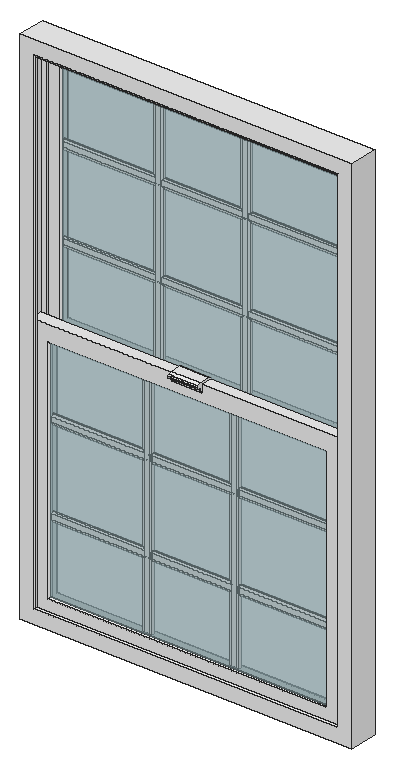
Revit family "Windows_Single-Hung_Milgard_Tuscany-Montecito-Series_Single-Hung", category Windows, host Wall, Revit 2017
Family settings
  Host = Wall
  OmniClass Number = 23.30.20.17.17.11
  OmniClass Title = Single-Hung Windows
  Always vertical = Yes
  Cut with Voids When Loaded = No
  Shared = No
  Room Calculation Point = No
Parameters (values of type "38" x 60"")
  Youtube clip = "https://www.youtube.com/watch?v=kTycgURMhFo&list=PL_Ow8HQ0-gw77aRiTrPBSI0--vocwVnzV&index=1"
  Weight Net (Kg) = ""
  Uniformat II Description = "Exterior Windows"
  Uniformat II Code = "B2020"
  Uniclass 2015 Name = ""
  Uniclass 2015 Code = ""
  Uniclass 2.0 Description = ""
  Uniclass 2.0 Code = ""
  Uniclass 1.4 Description = ""
  Uniclass 1.4 Code = ""
  URL = "www.milgard.com"
  UNSPSC Code = ""
  U Values URL = "https://www.milgard.com/professionals/energy-calculator"
  Technical description = "https://www.milgard.com/professionals/technical-resources?doc_type%5B%5D=48"
  Style = "Single Hung"  # constant formula
  Solar Heat Gain Coefficient = 0.28
  Sash Division = Height / 2  # 30"
  STC Rating = 0
  Rough Width = Width + 1"  # 39"
  Rough Height = Height + 1"  # 61"
  Region South America = "None"
  Region Oceania = "None"
  Region North America = "CA, US"
  Region Middle East = "None"
  Region Europe = "None"
  Region Asia = "None"
  Region Antarctica = "None"
  Region Africa = "None"
  QR code = "http://bimobject.com/milgardwindowsanddoors/product/milgard-001"
  Product url = "http://www.milgard.com/windows/tuscany-series/tuscany-series-single-hung-window"
  Product group = "Tuscany??? Series"
  Product family = "Single-Hung Windows"
  Product data url = "https://bimobject.com/milgardwindowsanddoors/product/milgard-001"
  Product certification = "https://www.milgard.com/learn/why-milgard/sustainability"
  Product SKU = "milgard-001"
  Product Page URL = "https://www.milgard.com/windows/tuscany-series/tuscany-series-single-hung-window#series-styles--wrapper"
  Product Guid = "9f75bdfc-b521-4a0d-af9b-e80957409c86"
  Product Documentation Link = "https://www.milgard.com/professionals/technical-resources"
  OmniClass Description = "Windows"
  OmniClass Code = "23-17 13 00"
  Nominal width = 0"
  Nominal height = 0"
  NBS Reference Description = ""
  NBS Reference Code = ""
  Model = "Tuscany® Series"  # constant formula
  Material secondary = "Glass"
  Material main = "Vinyl"
  Masterformat 2014 Description = "Vinyl Windows"
  Masterformat 2014 Code = "08 53 13"
  Manufacturer name = "Milgard Windows and Doors"
  Manufacturer country = "United States"
  Manufacturer = "© 2017 Milgard Manufacturing, Inc."  # constant formula
  LEED Credit = ""
  Interior Frame Color [instance] = Paint-Milgard-White
  Installation instructions = "https://www.milgard.com/professionals/installation-finishing"
  IFC Classification = ""
  Height = 60"
  Has Grid [instance] = yes
  Hardware Color [instance] = Paint-Milgard-White
  Grid Type = Grid-Milgard : Sculptured
  Grid Color [instance] = Paint-Milgard-White
  Green Building LEED = "https://www.milgard.com/sites/default/files/leed.pdf"
  Glass Material [instance] = Glass-Milgard-P516
  Exterior Frame Color [instance] = Paint-Milgard-White
  Energy Star Zone = "https://www.milgard.com/learn/energy-efficient-windows/energy-star"
  Edition number = 1
  EAN code = ""
  Design country = "United States"
  Design Pressure = ""
  Description = "Vinyl Windows"  # constant formula
  Depth = 3 1/4"  # constant formula
  Default Sill Height = 36"
  Wall Closure = By host
  Width = 38"
  Date of publishing = "1/17/2017"
  COBIe Type Category = ""
  Brand url = "http://www.milgard.com/"
  BIMobject category = "Opening Hinge"
  Assembly Code = ""
  Analytic Construction = "<None>"
Types (3): name | Sash Division | Rough Width | Rough Height | Height | Width
  48" x 90" | 45" | 49" | 91" | 90" | 48"
  12" x 36" | 18" | 13" | 37" | 36" | 12"
  38" x 60" | 30" | 39" | 61" | 60" | 38"
Reference planes (in)
  plane 1 "Center (Front/Back)": y = 0
  plane 2: z = 0
  plane 3 "Center (Left/Right)": x = 0.499
  plane 4 "Left": x = -18.501
  plane 5 "Right": x = 19.499
  plane 6 "Sill": z = 36
  plane 7 "Top": z = 96
  plane 8: z = 66
  plane 9 "Interior": y = -1.625
  plane 10 "Exterior": y = 1.625
  plane 11: z = 64.75
  plane 12: x = -15.376
  plane 13: x = 16.374
  plane 14: z = 39.125
  plane 15: z = 92.875
  plane 16: z = 67.25
  plane 17 "Grid CL Exterior": y = 0.8125
  plane 18 "Grid CL Interior": y = -0.8125
  plane 19: z = 94.779
  plane 20: z = 37.221
  plane 21: x = -17.28
  plane 22: x = 18.278
Forms (in)
  Sweep 1, solid, material "Paint-Milgard-White" <- "Exterior Frame Color"
    path origin (0, 0, 0) x (1, 0, 0) y (0, 0, 1)
      loop
        line (-18.501, 36) -> (19.499, 36) -> (19.499, 96) -> (-18.501, 96) -> (-18.501, 36)
    profile origin (-18.501, 0, 66) x (-1, 0, 0) y (0, -1, 0)
      loop
        line (-1.72, 1.38) -> (-1.1245, 1.38) -> (-1.1245, 0.025) -> (-1.72, 0.025) -> (-1.72, -0.27) -> (-1.095, -0.27) -> (-1.095, -0.97618) -> (-0.7204, -1.625) -> (0, -1.625) -> (0, 1.625) -> (-1.54679, 1.625) -> (-1.72, 1.525) -> (-1.72, 1.38)
  Sweep 2, solid, material "Paint-Milgard-White", detail levels coarse
    path origin (0, 1.625, 0) x (-1, 0, 0) y (0, 0, 1)
      loop
        line (-19.499, 96) -> (-19.499, 36) -> (18.501, 36) -> (18.501, 96) -> (-19.499, 96)
    profile origin (0.499, 1.625, 96) x (0, 0, 1) y (0, 1, 0)
      loop
        line (0, 0) -> (-1.72, 0) -> (-1.72, -3.25) -> (0, -3.25) -> (0, 0)
Lines and regions (in)
  Opening 1
    outline origin (-60, -1.625, 0) x (1, 0, 0) y (0, 0, 1)
      loop
        line (41.499, 96) -> (41.499, 36) -> (79.499, 36) -> (79.499, 96) -> (41.499, 96)
  Masking region 1
    outline origin (0, 1.1585, 36) x (0, -1, 0) y (1, 0, 0)
      loop
        line (-0.4665, -18.501) -> (2.7835, -18.501) -> (2.7835, 19.499) -> (-0.4665, 19.499) -> (-0.4665, -18.501)
  symbolic lines, style "Windows", detail levels medium+fine
    curve 1: line (-16.781, 1.41797, 36) -> (17.779, 1.41797, 36)
    curve 2: line (-16.781, -1.44922, 36) -> (17.779, -1.44922, 36)
  symbolic lines, style "Windows"
    curve 3: line (-16.781, 0, 36) -> (17.779, 0, 36)
    curve 4: line (-16.781, 1.625, 36) -> (-16.781, -1.625, 36)
    curve 5: line (17.779, 1.625, 36) -> (17.779, -1.625, 36)
  symbolic lines, style "WindowsFrameMullionProjection", detail levels medium+fine
    curve 6: line (-15.376, 1.41797, 36) -> (-15.376, -1.44922, 36)
    curve 7: line (16.374, 1.41797, 36) -> (16.374, -1.44922, 36)
  symbolic lines, style "Windows", detail levels fine
    curve 8: line (-15.376, 0.8125, 36) -> (16.374, 0.8125, 36)
    curve 9: line (-15.376, -0.8125, 36) -> (16.374, -0.8125, 36)
Text (in)
  text "EXTERIOR" at (-61.17835, 22.13118, 0), in view "Ref. Level"
  text "INTERIOR" at (-61.17835, -12.83634, 0), in view "Ref. Level"
  text "Exterior" at (0, 43.65631, 123.19604), in view "Left"
  text "Exterior" at (0, 18.29385, 125.04747), in view "Right"
Dimensions and locks (in)
  equal spacing: plane 4 "Left", plane 3 "Center (Left/Right)", plane 5 "Right"
  "Width": plane 4 "Left" to plane 5 "Right"
  "Height": plane 6 "Sill" to plane 7 "Top"
  "Default Sill Height": plane 2 to plane 6 "Sill"
  "Sash Division": plane 8 to plane 6 "Sill"
  equal spacing: plane 10 "Exterior", plane 1 "Center (Front/Back)", plane 9 "Interior"
  "Depth": plane 10 "Exterior" to plane 9 "Interior"
  equal spacing: plane 10 "Exterior", plane 17 "Grid CL Exterior", plane 1 "Center (Front/Back)", locked at 0.8125 each
  equal spacing: plane 9 "Interior", plane 18 "Grid CL Interior", plane 1 "Center (Front/Back)", locked at 0.8125 each
  locked: nested 2 to plane 10 "Exterior" at 0.20703
  locked: Sweep 1 sketch curve to Sweep 1 sketch curve at 3.25
  equal spacing: plane 16, plane 8, plane 11, locked at 1.25 each
  locked: plane 7 "Top" to plane 15 at 3.125
  locked: plane 14 to plane 6 "Sill" at 3.125
  locked: plane 4 "Left" to plane 12 at 3.125
  locked: plane 5 "Right" to plane 13 at 3.125
  locked: plane 19 to plane 15 at 1.904
  locked: plane 14 to plane 20 at 1.904
  locked: plane 21 to plane 12 at 1.904
  locked: plane 13 to plane 22 at 1.904
  locked: plane 16 to plane 11 at 2.5
  locked: plane 4 "Left" to curve 4 at 1.72
  locked: Sweep 1 to curve 2 at 0.17578
  locked: curve 5 to plane 5 "Right" at 1.72
  aligned and locked: plane 7 "Top" to Opening 1 sketch curve
  aligned and locked: plane 6 "Sill" to Opening 1 sketch curve  (x2)
  aligned and locked: plane 5 "Right" to Opening 1 sketch curve
  aligned and locked: plane 4 "Left" to Opening 1 sketch curve
  aligned and locked: plane 7 "Top" to Sweep 1 sketch curve
  aligned and locked: Sweep 1 sketch curve to plane 4 "Left"
  aligned and locked: plane 5 "Right" to Sweep 1 sketch curve
  aligned and locked: Sweep 1 sketch curve to plane 6 "Sill"
  aligned: nested 1 to plane 14
  aligned: plane 16 to nested 1  (x4)
  aligned: plane 12 to nested 2
  aligned: plane 13 to nested 2
  aligned: nested 2 to plane 11  (x2)
  aligned: plane 15 to nested 2  (x2)
  aligned and locked: host wall to plane 10 "Exterior"
  aligned: plane 17 "Grid CL Exterior" to nested 2
  aligned: nested 1 to plane 18 "Grid CL Interior"
  aligned: Masking region 1 to Sweep 1  (x4)
  aligned: nested 1 to nested 3
  aligned and locked: nested 1 to plane 18 "Grid CL Interior"  (x2)
  aligned and locked: plane 17 "Grid CL Exterior" to nested 2  (x2)
  aligned: plane 14 to nested 1
  aligned and locked: nested 2 to nested 4  (x4)
  aligned and locked: nested 1 to nested 5  (x4)
  aligned: nested 1 to Sweep 1
  aligned: nested 2 to Sweep 1
  aligned and locked: plane 3 "Center (Left/Right)" to nested 3
  aligned and locked: nested 1 to nested 3
  aligned and locked: Sweep 1 sketch curve to profile plane
  aligned and locked: plane 9 "Interior" to Sweep 1 sketch curve
  aligned: plane 19 to nested 2
  aligned: nested 2 to plane 21
  aligned: nested 2 to plane 22
  aligned: nested 1 to plane 22
  aligned: nested 1 to plane 21
  aligned: plane 20 to nested 1
  aligned and locked: level to plane 2
  aligned and locked: nested 3 to nested 1
  aligned and locked: plane 1 "Center (Front/Back)" to curve 3
  aligned and locked: plane 10 "Exterior" to curve 4
  aligned and locked: Sweep 1 to curve 4
  aligned and locked: Masking region 1 to plane 9 "Interior"
  aligned and locked: plane 4 "Left" to Masking region 1
  aligned and locked: Masking region 1 to plane 5 "Right"
  aligned and locked: plane 10 "Exterior" to Masking region 1
  aligned and locked: plane 10 "Exterior" to curve 5
  aligned and locked: plane 9 "Interior" to curve 5
  aligned and locked: nested 2 to curve 6
  aligned and locked: curve 2 to curve 6
  aligned and locked: curve 1 to curve 7
  aligned and locked: plane 12 to curve 8
  aligned and locked: plane 13 to curve 8
  aligned and locked: plane 17 "Grid CL Exterior" to curve 8
  aligned and locked: plane 12 to curve 9
  aligned and locked: plane 13 to curve 9
  aligned and locked: curve 9 to plane 18 "Grid CL Interior"
  aligned and locked: nested 2 to plane 22
  aligned and locked: nested 2 to plane 21
  aligned and locked: plane 19 to nested 2
  aligned and locked: nested 2 to plane 11
  aligned and locked: plane 16 to nested 1
  aligned and locked: plane 20 to nested 1
  aligned and locked: nested 1 to plane 21
  aligned and locked: nested 1 to plane 22
  aligned and locked: Sweep 2 sketch curve to plane 6 "Sill"
  aligned and locked: Sweep 2 sketch curve to plane 4 "Left"
  aligned and locked: plane 5 "Right" to Sweep 2 sketch curve
  aligned and locked: plane 7 "Top" to Sweep 2 sketch curve  (x2)
  aligned and locked: plane 9 "Interior" to Sweep 2 sketch curve
  aligned and locked: Sweep 2 sketch curve to plane 10 "Exterior"
  aligned and locked: Sweep 2 sketch curve to Sweep 1
Automatic sketch dimensions
  host wall to Masking region 1 sketch curve = 0"  (x2)
  plane 4 "Left" to Masking region 1 sketch curve = 0"
  Masking region 1 sketch curve to plane 5 "Right" = 0"
  plane 1 "Center (Front/Back)" to Sweep 1 sketch curve = 0.025"
  Sweep 1 sketch curve to Sweep 1 sketch curve = 0"
  Sweep 1 sketch curve to Sweep 1 sketch curve = 0.17321"
  Sweep 1 sketch curve to Sweep 1 sketch curve = 0.42229"
  Sweep 1 sketch curve to Sweep 1 sketch curve = 0.0295"
  Sweep 1 sketch curve to Sweep 1 sketch curve = 0.3746"
  Sweep 1 sketch curve to Sweep 1 sketch curve = 1.1245"
  Sweep 1 sketch curve to Sweep 1 sketch curve = 0.64882"
  Sweep 1 sketch curve to plane 1 "Center (Front/Back)" = 0.27"
  Sweep 1 sketch curve to Sweep 1 sketch curve = 0.145"
  Sweep 1 sketch curve to Sweep 1 sketch curve = 0.1"
Nested families (in)
  nested 1: "Sash-Milgard-Single _Hung" at (0.499, -0.8125, 52.2355) x (1, 0, 0) z (0, -1, 0), Sash Color <- "Interior Frame Color", type "By type"
    with Width 35.558", Sash Color Paint-Milgard-White, Height 30.029", Grid Width 31.808", Grid Height 26.529", Depth 1 35/128"
  nested 2: "Sash-Milgard-Single _Hung" at (0.499, 0.8125, 79.7645) x (1, 0, 0) z (0, -1, 0), Sash Color <- "Interior Frame Color", type "By type"
    with Width 35.558", Sash Color Paint-Milgard-White, Height 30.029", Grid Width 31.808", Grid Height 26.529", Depth 1 27/128"
  nested 3: "Lock-Streamlined" at (0.499, -1.44922, 67.25), Hardware Color <- "Hardware Color", type "By type", detail levels fine
    with Hardware Color Paint-Milgard-White
  nested 4: "Grid-Milgard" at (0.499, 0.8125, 79.7645) x (1, 0, 0) z (0, -1, 0), type <- "Grid Type", visible <- "Has Grid", Grid Material <- "Grid Color", type "Sculptured"
    with Y Single Grid no, Y Multiple Grid yes, Y Grid Spacing 10", Y Grid Qty 2, Y Grid Location 5", Y Grid Array 2, X Single Grid no, X Multiple Grid yes, X Grid Spacing 10", X Grid Qty 2, X Grid Location 5", X Grid Array 2, Width 31.75039", Height 26.22139", Grid Material Paint-Milgard-White
  nested 5: "Grid-Milgard" at (0.499, -0.8125, 52.2355) x (1, 0, 0) z (0, -1, 0), type <- "Grid Type", visible <- "Has Grid", Grid Material <- "Grid Color", type "Sculptured"
    with Y Single Grid no, Y Multiple Grid yes, Y Grid Spacing 10", Y Grid Qty 2, Y Grid Location 5", Y Grid Array 2, X Single Grid no, X Multiple Grid yes, X Grid Spacing 10", X Grid Qty 2, X Grid Location 5", X Grid Array 2, Width 31.75039", Height 26.22139", Grid Material Paint-Milgard-White
Definition of nested family "Sash-Milgard-Single _Hung"
  Parameters (values of type "By type")
    Width [instance] = 48"
    Sash Color [instance] = none
    Height [instance] = 48"
    Grid Width [instance] = Width - 3 3/4"  # 44 1/4"
    Grid Height [instance] = Height - 3 1/2"  # 44 1/2"
    Glass Material = none
    Depth [instance] = 1 35/128"
    Default Elevation = 48"
    Assembly Code = ""
    Analytic Construction = "<None>"
  Reference planes (in)
    plane 1 "Center (Front/Back)": y = 0
    plane 2: z = 0
    plane 3 "Center (Left/Right)": x = 0
    plane 4 "Left": x = -24
    plane 5 "Right": x = 24
    plane 6 "Top": y = 24
    plane 7 "Bottom": y = -24
    plane 8 "Front": z = 0.63672
    plane 9 "Back": z = -0.63672
    plane 10: y = 22.60727
    plane 11: y = -22.60727
    plane 12: x = 22.60727
    plane 13: x = -22.60727
    plane 14 "Grid Plane 1": x = -22.09619
    plane 15 "Grid Plane 2": x = 22.09619
    plane 16 "Grid Plane 3": y = 22.09619
    plane 17 "Grid Plane 4": y = -22.09619
  Forms (in)
    Sweep 1, solid, material <- "Sash Color"
      path origin (0, 0, 0) x (1, 0, 0) y (0, 1, 0)
        loop
          line (-24, 24) -> (-24, -24) -> (24, -24) -> (24, 24) -> (-24, 24)
      profile origin (-24, 0, 0) x (1, 0, 0) y (0, 0, 1)
        loop
          line (0, 0.63672) -> (0, -0.63672) -> (1.80668, -0.63672) -> (1.91032, -0.4572) -> (1.39273, -0.4572) -> (1.39273, 0.48759) -> (1.90381, 0.48759) -> (1.81771, 0.63672) -> (0, 0.63672)
    Extrusion 2, solid, material <- "Glass Material"
      sketch origin (0, 0, 0) x (0, 1, 0) y (0, 0, 1)
        loop
          line (22.60727, 0.48759) -> (-22.60727, 0.48759) -> (-22.60727, 0.36259) -> (22.60727, 0.36259) -> (22.60727, 0.48759)
        loop
          line (22.60727, -0.4572) -> (22.60727, -0.3322) -> (-22.60727, -0.3322) -> (-22.60727, -0.4572) -> (22.60727, -0.4572)
      from -22.60727 to 22.60727
  Dimensions and locks (in)
    equal spacing: plane 4 "Left", plane 3 "Center (Left/Right)", plane 5 "Right"
    "Width": plane 4 "Left" to plane 5 "Right"
    equal spacing: plane 8 "Front", level, plane 9 "Back"
    "Depth": plane 8 "Front" to plane 9 "Back"
    equal spacing: plane 6 "Top", plane 1 "Center (Front/Back)", plane 7 "Bottom"
    "Height": plane 6 "Top" to plane 7 "Bottom"
    Extrusion 2 sketch curve to Sweep 1 = 1/8"  (x2)
    locked: plane 6 "Top" to plane 10 at 1.39273
    locked: plane 11 to plane 7 "Bottom" at 1.39273
    locked: plane 12 to plane 5 "Right" at 1.39273
    locked: plane 4 "Left" to plane 13 at 1.39273
    locked: plane 13 to plane 14 "Grid Plane 1" at 0.51107
    locked: plane 15 "Grid Plane 2" to plane 12 at 0.51107
    locked: plane 10 to plane 16 "Grid Plane 3" at 0.51107
    locked: plane 17 "Grid Plane 4" to plane 11 at 0.51107
    aligned and locked: profile plane to Sweep 1 sketch curve
    aligned and locked: Sweep 1 to plane 8 "Front"
    aligned and locked: Sweep 1 to plane 9 "Back"
    aligned and locked: Sweep 1 sketch curve to plane 6 "Top"
    aligned and locked: Sweep 1 sketch curve to plane 7 "Bottom"
    aligned and locked: Sweep 1 sketch curve to plane 4 "Left"
    aligned and locked: Sweep 1 sketch curve to plane 5 "Right"
    aligned and locked: plane 10 to Extrusion 2  (x2)
    aligned and locked: Extrusion 2 to plane 11  (x2)
    aligned and locked: plane 13 to Extrusion 2
    aligned and locked: plane 12 to Extrusion 2
  Automatic sketch dimensions
    level to Sweep 1 sketch curve = 0.48759"
    Sweep 1 sketch curve to profile plane = 1.39273"
    Sweep 1 sketch curve to level = 163/256"
    Sweep 1 sketch curve to Sweep 1 sketch curve = 0.41395"
    Sweep 1 sketch curve to Sweep 1 sketch curve = 0.42497"
    Sweep 1 sketch curve to Sweep 1 sketch curve = 0.0861"
    Sweep 1 sketch curve to level = 0.4572"
    Sweep 1 sketch curve to Sweep 1 sketch curve = 0.10364"
    Sweep 1 sketch curve to Sweep 1 sketch curve = 0.14913"
    Extrusion 2 sketch curve to plane 11 = 0"  (x2)
    Extrusion 2 sketch curve to plane 10 = 0"  (x2)
    Extrusion 2 sketch curve to Extrusion 2 sketch curve = 1/8"  (x2)
Definition of nested family "Lock-Streamlined"
  Parameters
    Hardware Color [instance] = none
    Default Elevation = 48"
    Assembly Code = ""
  Reference planes (in)
    plane 1 "Center (Front/Back)": y = 0
    plane 2: z = 0
    plane 3 "Center (Left/Right)": x = 0
  Forms (in)
    Extrusion 1, solid, material <- "Hardware Color"
      sketch origin (0, 0, 0) x (0, 1, 0) y (0, 0, 1)
        loop
          line (1.289, 0) -> (1.289, 0.1) -> (1.02348, 0.19834) -> (-0.16402, 0.19834) -> (-0.53109, 0.04253)
          arc (-0.53109, 0.04253) -> (-0.61252, -0.02474) -> (-0.64397, -0.12558) r 0.1853
          arc (-0.64397, -0.12558) -> (-0.60725, -0.24624) -> (-0.49642, -0.30645) r 0.16635
          line (-0.49642, -0.30645) -> (-0.17485, -0.30645)
          arc (-0.17485, -0.30645) -> (-0.13606, -0.32252) -> (-0.12, -0.3613) r 0.05485
          line (-0.12, -0.3613) -> (-0.12, -0.59691) -> (-0.07, -0.86691) -> (0, -0.86691) -> (0, 0) -> (1.289, 0)
      from -1.69 to 1.69
Definition of nested family "Grid-Milgard"
  Parameters
    Y Single Grid [instance] = Y Grid Qty = 1  # no
    Y Multiple Grid [instance] = Y Grid Qty > 1  # yes
    Y Grid Spacing [instance] = 10"
    Y Grid Qty [instance] = if(Width < 15", (Width / Y Grid Spacing), (Width / Y Grid Spacing) - 1)  # 3
    Y Grid Location [instance] = ((Y Grid Qty - 1) * Y Grid Spacing) / 2  # 10"
    Y Grid Array [instance] = if(Y Grid Qty = 1, Y Grid Qty + 1, Y Grid Qty)  # 3
    X Single Grid [instance] = X Grid Qty = 1  # no
    X Multiple Grid [instance] = X Grid Qty > 1  # yes
    X Grid Spacing [instance] = 10"
    X Grid Qty [instance] = if(Width < 15", (Width / X Grid Spacing), (Width / X Grid Spacing) - 1)  # 3
    X Grid Location [instance] = ((X Grid Qty - 1) * X Grid Spacing) / 2  # 10"
    X Grid Array [instance] = if(X Grid Qty = 1, X Grid Qty + 1, X Grid Qty)  # 3
    Width [instance] = 40"
    Height [instance] = 40"
    Grid Option = Grid_Bar-Milgard-Simulated_Divided_Lite : 7/8"
    Grid Material [instance] = none
    Default Elevation = 48"
    Assembly Code = ""
  Reference planes (in)
    plane 1 "Center (Front/Back)": y = 0
    plane 2: z = 0
    plane 3 "Center (Left/Right)": x = 0
    plane 4 "Left": x = -20
    plane 5 "Right": x = 20
    plane 6 "Top": y = 20
    plane 7 "Bottom": y = -20
  Dimensions and locks (in)
    equal spacing: plane 4 "Left", plane 3 "Center (Left/Right)", plane 5 "Right"
    equal spacing: plane 6 "Top", plane 1 "Center (Front/Back)", plane 7 "Bottom"
    "Width": plane 4 "Left" to plane 5 "Right"
    "Height": plane 6 "Top" to plane 7 "Bottom"
    equal spacing: group 1, group 2, group 5  (x3)
    "X Grid Spacing": nested 1 to nested 3
    equal spacing: group 3, group 4, group 6  (x2)
    equal spacing: group 6, group 4, group 3
    "Y Grid Location": plane 1 "Center (Front/Back)" to nested 2
    "Y Grid Spacing": nested 4 to nested 2
    "X Grid Location": nested 1 to plane 3 "Center (Left/Right)"
    aligned and locked: nested 1 to plane 1 "Center (Front/Back)"
    aligned and locked: plane 3 "Center (Left/Right)" to nested 2
    aligned and locked: nested 3 to plane 1 "Center (Front/Back)"
    aligned and locked: plane 1 "Center (Front/Back)" to nested 5
    aligned and locked: plane 4 "Left" to nested 5
    aligned and locked: plane 5 "Right" to nested 5
    aligned and locked: plane 6 "Top" to nested 6
    aligned and locked: plane 3 "Center (Left/Right)" to nested 6
    aligned and locked: plane 4 "Left" to nested 7
    aligned and locked: plane 5 "Right" to nested 7
    aligned and locked: plane 4 "Left" to nested 8
    aligned and locked: plane 5 "Right" to nested 8
    aligned and locked: plane 1 "Center (Front/Back)" to nested 8
    aligned and locked: nested 9 to plane 6 "Top"
    aligned and locked: nested 9 to plane 3 "Center (Left/Right)"
    aligned and locked: plane 1 "Center (Front/Back)" to nested 7
    aligned and locked: nested 10 to plane 6 "Top"
    aligned and locked: nested 10 to plane 3 "Center (Left/Right)"
  Nested families (in)
    nested 1: "Grid_Bar-Milgard-Simulated_Divided_Lite" at (-10, 0, 0) x (0, 1, 0) z (0, 0, 1), Grid Length <- "Height", visible <- "X Multiple Grid", type <- "Grid Option", type "7/8""
      with Grid Length 40"
    nested 2: "Grid_Bar-Milgard-Simulated_Divided_Lite" at (0, 10, 0), Grid Length <- "Width", visible <- "Y Multiple Grid", type <- "Grid Option", type "7/8""
      with Grid Length 40"
    nested 3: "Grid_Bar-Milgard-Simulated_Divided_Lite" at (0, 0, 0) x (0, 1, 0) z (0, 0, 1), Grid Length <- "Height", visible <- "X Multiple Grid", type <- "Grid Option", type "7/8""
      with Grid Length 40"
    nested 4: "Grid_Bar-Milgard-Simulated_Divided_Lite" at (0, 0, 0), Grid Length <- "Width", visible <- "Y Multiple Grid", type <- "Grid Option", type "7/8""
      with Grid Length 40"
    nested 5: "Grid_Bar-Milgard-Simulated_Divided_Lite" at (0, 0, 0), visible <- "Y Single Grid", Grid Length <- "Width", type <- "Grid Option", type "7/8""
      with Grid Length 40"
    nested 6: "Grid_Bar-Milgard-Simulated_Divided_Lite" at (0, 0, 0) x (0, 1, 0) z (0, 0, 1), visible <- "X Single Grid", type <- "Grid Option", Grid Length <- "Height", type "7/8""
      with Grid Length 40"
    nested 7: "Grid_Bar-Milgard-Simulated_Divided_Lite" at (0, 0, 0), visible <- "Y Single Grid", Grid Length <- "Width", type <- "Grid Option", type "7/8""
      with Grid Length 40"
    nested 8: "Grid_Bar-Milgard-Simulated_Divided_Lite" at (0, 0, 0), Grid Length <- "Width", visible <- "Y Single Grid", type <- "Grid Option", type "7/8""
      with Grid Length 40"
    nested 9: "Grid_Bar-Milgard-Simulated_Divided_Lite" at (0, 0, 0) x (0, -1, 0) z (0, 0, 1), Grid Length <- "Height", visible <- "X Single Grid", type <- "Grid Option", type "7/8""
      with Grid Length 40"
    nested 10: "Grid_Bar-Milgard-Simulated_Divided_Lite" at (0, 0, 0) x (0, -1, 0) z (0, 0, 1), visible <- "X Single Grid", Grid Length <- "Height", type <- "Grid Option", type "7/8""
      with Grid Length 40"
    nested 11: "Grid_Bar-Milgard-Simulated_Divided_Lite" at (10, 0, 0) x (0, 1, 0) z (0, 0, 1), Grid Length <- "Height", visible <- "X Multiple Grid", type <- "Grid Option", type "7/8""
      with Grid Length 40"
    nested 12: "Grid_Bar-Milgard-Simulated_Divided_Lite" at (0, -10, 0), Grid Length <- "Width", visible <- "Y Multiple Grid", type <- "Grid Option", type "7/8""
      with Grid Length 40"
  Definition of nested family "Grid_Bar-Milgard-Simulated_Divided_Lite"
    Parameters
      Grid Material = none
      Grid Length [instance] = 46 1/2"
      Grid Height = 7/8"
      Grid Depth = 1 51/256"
      Default Elevation = 48"
      Assembly Code = ""
    Reference planes (in)
      plane 1 "Center (Front/Back)": y = 0
      plane 2: z = 0
      plane 3 "Center (Left/Right)": x = 0
      plane 4 "Left": x = -23.25
      plane 5 "Right": x = 23.25
      plane 6: y = 0.4375
      plane 7: y = -0.4375
      plane 8: z = 0.59961
      plane 9: z = -0.59961
    Forms (in)
      Sweep 1, solid, material <- "Grid Material"
        path origin (0, 0, 0) x (1, 0, 0) y (0, 1, 0)
          loop
            line (-23.25, 0) -> (23.25, 0)
        profile origin (0, 0, 0) x (0, 1, 0) y (0, 0, 1)
          loop
            line (0.4375, 0.59961) -> (-0.4375, 0.59961) -> (-0.4375, -0.59961) -> (0.4375, -0.59961) -> (0.4375, 0.59961)
    Lines and regions (in)
      symbolic lines, detail levels coarse+medium
        curve 1: line (-23.25, 0, 0) -> (23.25, 0, 0)
      symbolic lines, detail levels fine
        curve 2: line (-23.25, 0.4375, 0) -> (23.25, 0.4375, 0)
        curve 3: line (-23.25, -0.4375, 0) -> (23.25, -0.4375, 0)
    Dimensions and locks (in)
      equal spacing: plane 4 "Left", plane 3 "Center (Left/Right)", plane 5 "Right"
      "Grid Length": plane 4 "Left" to plane 5 "Right"
      equal spacing: plane 6, plane 1 "Center (Front/Back)", plane 7
      equal spacing: plane 8, plane 2, plane 9
      "Grid Height": plane 6 to plane 7
      "Grid Depth": plane 8 to plane 9
      aligned and locked: plane 6 to Sweep 1 sketch curve
      aligned and locked: Sweep 1 sketch curve to plane 7
      aligned and locked: Sweep 1 sketch curve to plane 8
      aligned and locked: plane 9 to Sweep 1 sketch curve
      aligned and locked: plane 4 "Left" to curve 1
      aligned and locked: plane 5 "Right" to curve 1
      aligned and locked: plane 1 "Center (Front/Back)" to curve 1
      aligned and locked: plane 4 "Left" to curve 2
      aligned and locked: plane 4 "Left" to curve 3
      aligned and locked: plane 5 "Right" to curve 2
      aligned and locked: plane 5 "Right" to curve 3
      aligned and locked: plane 6 to curve 2
      aligned and locked: plane 7 to curve 3
    Automatic sketch dimensions
      plane 1 "Center (Front/Back)" to Sweep 1 sketch curve = 0"
      Sweep 1 sketch curve to plane 4 "Left" = 0"
      Sweep 1 sketch curve to plane 5 "Right" = 0"
